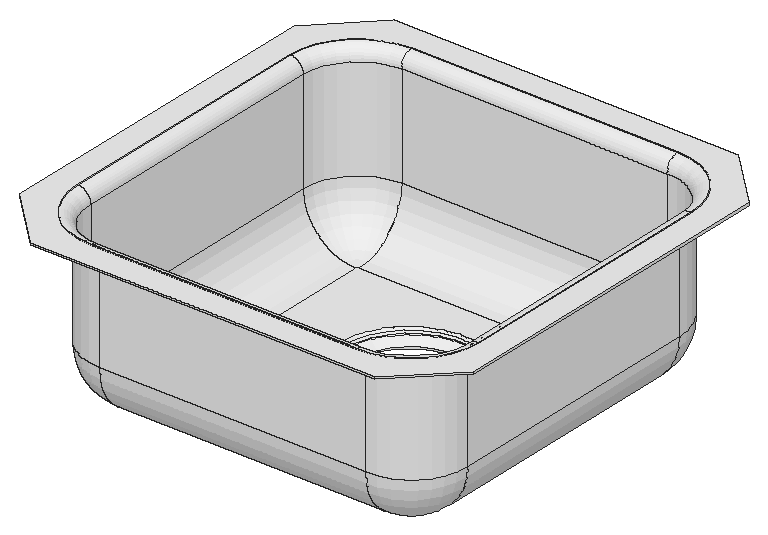
Revit family "ELUHAD121255", category Plumbing Fixtures, Revit 2019
Family settings
  Round Connector Dimension = Use Radius
  Part Type = Normal
  OmniClass Number = 23.45.05.14.14.27
  OmniClass Title = Service Sinks
  Work Plane-Based = No
  Always vertical = Yes
  Cut with Voids When Loaded = No
  Shared = No
  Room Calculation Point = No
Parameters (values of type "ELUHAD121255")
  URL = "www.elkayusa.com"
  Template Included = "Yes"
  Specification Sheet URL = ""
  Sound Deadening = "Bottom only pads"
  Sink Width = 1' - 2 1/2"
  Sink Material = Metal - Steel - Stainless - Chrome
  Sink Length = 1' - 2 1/2"
  Sink Ledge Sides Width = Sink Ledge Corner Width  # 0' - 1 1/4"
  Sink Ledge Front Width = Sink Ledge Corner Width  # 0' - 1 1/4"
  Sink Ledge Corner Width = 0' - 1 1/4"  # constant formula
  Sink Ledge Back Width = Sink Ledge Corner Width  # 0' - 1 1/4"
  Sink Dimensions = "14-1/2 inch x 14-1/2 inch x 5-3/8 inch"
  Sink Depth = 0' - 5 3/8"
  Sanitary Flow Rate = 10 GPM
  OmniClass Title = "Service Sinks"
  OmniClass Code = "23.45.05.14.14.27"
  Number of Bowls = "1"
  Nominal Radius = Nominal Dia / 2  # 0' - 0 3/4"
  Nominal Dia = 0' - 1 1/2"
  Mounting Hardware = "Undermount brackets sold separately"
  Model Number = ""
  Model = "Lustertone Undermount"
  Minimum Cabinet Size = "18 inch"
  Material = "304 Stainless Steel"
  MasterFormat Title = "Commercial Sinks"
  MasterFormat Number = "22.42.16.16"
  Manufacturer = "Elkay Manufacturing"
  Installation Type = "Undermount"
  Gauge = "18"
  Finish = "Lustrous Satin"
  Drain Size = "3-1/2 inch (89mm)"
  Drain Locations = "Rear Center"
  Drain Location = 0' - 5"
  Description = "Lustertone Single Bowl Sink"
  Deep Specification Sheet URL = ""
  Date Created = "10082021"  # constant formula
  Cutout Template # = "1000001423"
  CL Sink to CL Drain = 0' - 0"
  Bowl Width = (Sink Width - Sink Ledge Front Width - Sink Ledge Back Width)  # 1' - 0"
  Bowl Length = Sink Length - Sink Ledge Sides Width - Sink Ledge Sides Width  # 1' - 0"
  Bowl 1 Dimensions = "12 inch x 12 inch x 5-3/8 inch"
  Assembly Code = "D2010410"
Reference planes (in)
  plane 1 "CL Sink Hole": y = 1
  plane 2 "Top": z = 0
  plane 3 "Center (Left/Right)": x = 0
  plane 4 "Basin Edge Left": x = -6
  plane 5 "Basin Edge Right": x = 6
  plane 6 "Basin Edge Back": y = 6
  plane 7 "Basin Edge Front": y = -6
  plane 8 "Left": x = -7.25
  plane 9 "Right": x = 7.25
  plane 10 "Back": y = 7.25
  plane 11 "Front": y = -7.25
  plane 12 "Sink Angle Right": x = 4.78553
  plane 13 "Sink Angle Back": y = 4.78553
  plane 14 "Sink Angle Left": x = -4.78553
  plane 15 "Sink Angle Front": y = -4.78553
  plane 16 "Edge Radii Right": x = 6.42188
  plane 17 "Edge of Radii Left": x = -6.42187
  plane 18 "Sink Bowl Bottom (Top Face)": z = -5.375
  plane 19 "Sink Top Piece Bottom Face": z = -0.0625
  plane 20 "Top Radius Corner Prot": z = -0.42188
  plane 21: z = -3.6875
  plane 22 "Sink Bowl Bottom (Bottom Face)": z = -5.4375
  plane 23 "Left Sink Bottom Piece Left Edge": x = -4.3125
  plane 24 "Sink Bottom Piece Right Edge": x = 4.3125
  plane 25 "Sink Bottom Piece Back Edge": y = 4.3125
  plane 26 "Sink Bottom Piece Front Edge": y = -4.3125
  plane 27 "Center (Front/Back)": y = 0
  plane 28 "Bowl CL Drain": x = 0
  plane 29 "Edge Radii Front": y = -6.42188
  plane 30 "Right Sink Right Edge Radius": x = 4.25
  plane 31 "Front Edge Bottom Edge Radius": y = -4.25
  plane 32 "Back Edge Bottom Edge Radius": y = 4.25
  plane 33 "Edge Radii Back": y = 6.42187
  plane 34 "Left Bowl Bottom Edge Radius": x = -4.25
  plane 35 "Masking Region": z = 1.25157
  plane 36 "Sink Drain Elev Bottom": z = -6.875
  plane 37 "Sink Drain Elev Top": z = -6.625
  plane 38 "Top Radius Elev - 1-8": z = -0.10938
  plane 39 "Top Radius 1-8 Front": y = -6.10938
  plane 40 "Top Radius 1-8 Left": x = -6.10937
  plane 41 "Top Radius 1-8 Right": x = 6.10938
  plane 42 "Top Radius 1-8 Back": y = 6.10937
  plane 43 "Inside Radius Tangent Right": x = 4.97487
  plane 44 "Inside Radius Tangent Back": y = 4.97487
  plane 45 "Inside Radius Tangent Front": y = -4.97487
  plane 46 "Inside Radius Tangent Left": x = -4.97487
Forms (in)
  Extrusion 1, solid, material "Metal - Steel - Stainless - Chrome" <- "Sink Material"
    sketch origin (0, 0, 0) x (1, 0, 0) y (0, 1, 0)
      loop
        line (7.25, 5.49264) -> (5.49264, 7.25) -> (-5.49264, 7.25) -> (-7.25, 5.49264) -> (-7.25, -5.49264) -> (-5.49264, -7.25) -> (5.49264, -7.25) -> (7.25, -5.49264) -> (7.25, 5.49264)
      loop
        arc (-4.25, 6.42187) -> (-5.78575, 5.78575) -> (-6.42187, 4.25) r 2.17187
        line (-6.42187, 4.25) -> (-6.42188, -4.25)
        arc (-6.42188, -4.25) -> (-5.78575, -5.78575) -> (-4.25, -6.42188) r 2.17188
        line (-4.25, -6.42188) -> (4.25, -6.42188)
        arc (4.25, -6.42188) -> (5.78575, -5.78575) -> (6.42188, -4.25) r 2.17188
        line (6.42188, -4.25) -> (6.42188, 4.25)
        arc (6.42188, 4.25) -> (5.78575, 5.78575) -> (4.25, 6.42187) r 2.17188
        line (4.25, 6.42187) -> (-4.25, 6.42187)
    from -0.0625 to 0
  Extrusion 2, solid, material "Metal - Steel - Stainless - Chrome" <- "Sink Material"
    sketch origin (0, 0, 0) x (1, 0, 0) y (0, 1, 0)
      loop
        arc (-4.25, 4.3125) -> (-4.29419, 4.29419) -> (-4.3125, 4.25) r 0.0625
        line (-4.3125, 4.25) -> (-4.3125, -4.25)
        arc (-4.3125, -4.25) -> (-4.29419, -4.29419) -> (-4.25, -4.3125) r 0.0625
        line (-4.25, -4.3125) -> (4.25, -4.3125)
        arc (4.25, -4.3125) -> (4.29419, -4.29419) -> (4.3125, -4.25) r 0.0625
        line (4.3125, -4.25) -> (4.3125, 4.25)
        arc (4.3125, 4.25) -> (4.29419, 4.29419) -> (4.25, 4.3125) r 0.0625
        line (4.25, 4.3125) -> (-4.25, 4.3125)
      loop
        circle (0, 1) r 2.25
    from -5.4375 to -5.375
  Sweep 3, solid, material "Metal - Steel - Stainless - Chrome" <- "Sink Material"
    path origin (14.75, 0, -5.375) x (-1, 0, 0) y (0, -1, 0)
      loop
        circle (14.75, -1) r 2.25
    profile "profile-elkay-sink-hole-3 : profile-elkay-sink-hole-3" origin (0, -1.25, -5.375) x (0, 1, 0) y (0, 0, 1)
      loop
        line (0.5, -0.29111) -> (0.15646, -0.13437)
        arc (0.15646, -0.13437) -> (0.14249, -0.12559) -> (0.13131, -0.11346) r 0.0625
        line (0.13131, -0.11346) -> (0.08817, -0.05226)
        arc (0.08817, -0.05226) -> (0.05064, -0.01507) -> (0, 0) r 0.1086
        line (0, 0) -> (0, -0.04618)
        arc (0, -0.04618) -> (0.02621, -0.05419) -> (0.04646, -0.07265) r 0.0625
        line (0.04646, -0.07265) -> (0.09341, -0.13969)
        arc (0.09341, -0.13969) -> (0.11294, -0.16097) -> (0.13739, -0.17634) r 0.1086
        line (0.13739, -0.17634) -> (0.5, -0.34178) -> (0.5, -0.29111)
  Sweep 4, solid, material "Metal - Steel - Stainless - Chrome" <- "Sink Material"
    path origin (0, 0, 0) x (1, 0, 0) y (0, 1, 0)
      loop
        line (-4.25, -6) -> (4.25, -6)
        arc (4.25, -6) -> (5.48744, -5.48744) -> (6, -4.25) r 1.75
        line (6, -4.25) -> (6, 4.25)
        arc (6, 4.25) -> (5.48744, 5.48744) -> (4.25, 6) r 1.75
        line (4.25, 6) -> (-4.25, 6)
        arc (-4.25, 6) -> (-5.48744, 5.48744) -> (-6, 4.25) r 1.75
        line (-6, 4.25) -> (-6, -4.25)
        arc (-6, -4.25) -> (-5.48744, -5.48744) -> (-4.25, -6) r 1.75
    profile origin (0, -6, 0) x (0, 1, 0) y (0, 0, 1)
      loop
        arc (0, -0.42187) -> (-0.12356, -0.12356) -> (-0.42187, 0) r 0.42188
        line (-0.42187, 0) -> (-0.42187, -0.0625)
        arc (-0.42187, -0.0625) -> (-0.16776, -0.16776) -> (-0.0625, -0.42187) r 0.35938
        line (-0.0625, -0.42187) -> (-0.0625, -3.6875)
        arc (-0.0625, -3.6875) -> (0.45006, -4.92494) -> (1.6875, -5.4375) r 1.75
        line (1.6875, -5.4375) -> (1.6875, -5.375)
        arc (1.6875, -5.375) -> (0.49426, -4.88074) -> (0, -3.6875) r 1.6875
        line (0, -3.6875) -> (0, -0.42187)
  Extrusion 5, solid, material "Glass", not visible
    sketch origin (0, 0, -6.625) x (0, -1, 0) y (1, 0, 0)
      loop
        circle (-1, 0) r 0.75
    from -0.25 to 0
Cuts and joins
  joined: Extrusion 2, Sweep 3, Sweep 4
Lines and regions (in)
  Masking region 1
    outline origin (0, 0, 0) x (1, 0, 0) y (0, 1, 0)
      loop
        line (-6.42187, 4.25) -> (-6.42188, -4.25)
        arc (-6.42188, -4.25) -> (-5.78575, -5.78575) -> (-4.25, -6.42188) r 2.17188
        line (-4.25, -6.42188) -> (4.25, -6.42188)
        arc (4.25, -6.42188) -> (5.78575, -5.78575) -> (6.42188, -4.25) r 2.17188
        line (6.42188, -4.25) -> (6.42188, 4.25)
        arc (6.42188, 4.25) -> (5.78575, 5.78575) -> (4.25, 6.42187) r 2.17188
        line (4.25, 6.42187) -> (-4.25, 6.42187)
        arc (-4.25, 6.42187) -> (-5.78575, 5.78575) -> (-6.42187, 4.25) r 2.17187
  reference lines, not visible
    curve 1: arc (-0.625, 1, -3.6875) -> (-1.11926, 1, -4.88074) -> (-2.3125, 1, -5.375) r 1.6875
    curve 2: arc (-6, 1, -3.6875) -> (-5.50574, 1, -4.88074) -> (-4.3125, 1, -5.375) r 1.6875
    curve 3: arc (-0.625, 1, -0.42188) -> (-0.50144, 1, -0.12356) -> (-0.20313, 1, 0) r 0.42188
    curve 4: arc (0, -4.3125, -5.375) -> (0, -5.50574, -4.88074) -> (0, -6, -3.6875) r 1.6875
    curve 5: arc (0, -6, -0.42188) -> (0, -6.12356, -0.12356) -> (0, -6.42188, 0) r 0.42188
    curve 6: arc (4.3125, 4.25, 0) -> (4.29419, 4.29419, 0) -> (4.25, 4.3125, 0) r 0.0625
    curve 7: arc (4.3125, -4.25, 0) -> (4.29419, -4.29419, 0) -> (4.25, -4.3125, 0) r 0.0625
    curve 8: arc (6, 4.25, 1.25157) -> (5.48744, 5.48744, 1.25157) -> (4.25, 6, 1.25157) r 1.75
    curve 9: arc (6, -4.25, 1.25157) -> (5.48744, -5.48744, 1.25157) -> (4.25, -6, 1.25157) r 1.75
    curve 12: arc (-4.25, -4.3125, 0) -> (-4.29419, -4.29419, 0) -> (-4.3125, -4.25, 0) r 0.0625
    curve 13: arc (-4.25, 4.3125, 0) -> (-4.29419, 4.29419, 0) -> (-4.3125, 4.25, 0) r 0.0625
    curve 16: arc (-5.442, 5.53126, 1.25157) -> (-5.85445, 4.94875, 1.25157) -> (-6, 4.25, 1.25157) r 1.75
    curve 17: arc (-6, -4.25, 1.25157) -> (-5.48744, -5.48744, 1.25157) -> (-4.25, -6, 1.25157) r 1.75
    curve 18: circle (0, 1, -6.875) r 0.75 normal (0, 0, 1)
    curve 20: circle (0, 1, -5.375) r 1.75 normal (0, 0, 1)
    curve 29: arc (-4.25, 7.125, 1.25157) -> (-6.28293, 6.28293, 1.25157) -> (-7.125, 4.25, 1.25157) r 2.875
    curve 30: arc (6.75, 4.25, 1.25157) -> (6.01777, 6.01777, 1.25157) -> (4.25, 6.75, 1.25157) r 2.5
    curve 31: line (-4.97487, 6, 0) -> (-6, 4.97487, 0)
    curve 32: line (4.97487, 6, 0) -> (6, 4.97487, 0)
    curve 33: line (5.09745, 7.64519, 0) -> (7.69376, 5.04888, 0)
    curve 34: line (6, -4.97487, 0) -> (4.97487, -6, 0)
    curve 35: line (7.66329, -5.07936, 0) -> (5.11612, -7.62652, 0)
    curve 36: line (-6, -4.97487, 0) -> (-4.97487, -6, 0)
    curve 37: line (-7.84102, -4.90163, 0) -> (-5.39647, -7.34617, 0)
    curve 38: line (-5.04997, 7.69267, 0) -> (-7.65098, 5.09166, 0)
  reference lines
    curve 10: arc (6.42188, 4.25, 0) -> (5.78575, 5.78575, 0) -> (4.25, 6.42187, 0) r 2.17188
    curve 11: arc (-4.25, -6.42188, 0) -> (-5.78575, -5.78575, 0) -> (-6.42188, -4.25, 0) r 2.17188
    curve 14: arc (-4.25, 6.42187, 0) -> (-5.78575, 5.78575, 0) -> (-6.42187, 4.25, 0) r 2.17187
    curve 15: arc (6.42188, -4.25, 0) -> (5.78575, -5.78575, 0) -> (4.25, -6.42188, 0) r 2.17188
    curve 19: circle (0, 1, -5.375) r 2.25 normal (0, 0, 1)
    curve 21: circle (0, 1, -5.375) r 2.25 normal (0, 0, 1)
    curve 24: arc (0, -6, -0.10938) -> (0, -6.03204, -0.03204) -> (0, -6.10938, 0) r 0.10938
    curve 25: arc (6.10938, 4.25, 0) -> (5.56478, 5.56478, 0) -> (4.25, 6.10937, 0) r 1.85938
    curve 26: arc (-4.25, 6.10937, 0) -> (-5.56478, 5.56478, 0) -> (-6.10937, 4.25, 0) r 1.85938
    curve 27: arc (-4.25, -6.10938, 0) -> (-5.56478, -5.56478, 0) -> (-6.10938, -4.25, 0) r 1.85938
    curve 28: arc (6.10938, -4.25, 0) -> (5.56478, -5.56478, 0) -> (4.25, -6.10938, 0) r 1.85938
  symbolic lines, style "Sinks"
    curve 22: circle (0, 1, -5.375) r 2.25 normal (0, 0, 1)
    curve 23: circle (0, 1, -5.375) r 1.75 normal (0, 0, 1)
    curve 39: line (-4.25, 6, 0) -> (4.25, 6, 0)
    curve 40: line (6, 4.25, 0) -> (6, -4.25, 0)
    curve 41: line (-4.25, -6, 0) -> (4.25, -6, 0)
    curve 42: line (-6, 4.25, 0) -> (-6, -4.25, 0)
    curve 43: arc (6, 4.25, 0) -> (5.48744, 5.48744, 0) -> (4.25, 6, 0) r 1.75
    curve 44: arc (-4.25, 6, 0) -> (-5.48744, 5.48744, 0) -> (-6, 4.25, 0) r 1.75
    curve 45: arc (-6, -4.25, 0) -> (-5.48744, -5.48744, 0) -> (-4.25, -6, 0) r 1.75
    curve 46: arc (6, -4.25, 0) -> (5.48744, -5.48744, 0) -> (4.25, -6, 0) r 1.75
Dimensions and locks (in)
  "Sink Ledge Sides Width": plane 8 "Left" to plane 4 "Basin Edge Left"
  "Sink Ledge Sides Width": plane 5 "Basin Edge Right" to plane 9 "Right"
  "Sink Length": plane 8 "Left" to plane 9 "Right"
  "Drain Location": plane 6 "Basin Edge Back" to plane 1 "CL Sink Hole"
  "Sink Ledge Back Width": plane 10 "Back" to plane 6 "Basin Edge Back"
  "Sink Ledge Front Width": plane 7 "Basin Edge Front" to plane 11 "Front"
  plane 12 "Sink Angle Right" to plane 9 "Right" = 0' - 2.46447"
  plane 10 "Back" to plane 13 "Sink Angle Back" = 0' - 2.46447"
  plane 8 "Left" to plane 14 "Sink Angle Left" = 0' - 2.46447"
  plane 15 "Sink Angle Front" to plane 11 "Front" = 0' - 2.46447"
  "Sink Width": plane 10 "Back" to plane 11 "Front"
  locked: plane 17 "Edge of Radii Left" to plane 4 "Basin Edge Left" at 0.42188
  locked: plane 26 "Sink Bottom Piece Front Edge" to plane 7 "Basin Edge Front" at 1.6875
  locked: plane 4 "Basin Edge Left" to plane 23 "Left Sink Bottom Piece Left Edge" at 1.6875
  locked: plane 24 "Sink Bottom Piece Right Edge" to plane 5 "Basin Edge Right" at 1.6875
  locked: plane 6 "Basin Edge Back" to plane 25 "Sink Bottom Piece Back Edge" at 1.6875
  locked: plane 5 "Basin Edge Right" to plane 16 "Edge Radii Right" at 0.42188
  equal spacing: plane 10 "Back", plane 27 "Center (Front/Back)", plane 11 "Front"
  equal spacing: plane 8 "Left", plane 3 "Center (Left/Right)", plane 9 "Right"
  "CL Sink to CL Drain": plane 3 "Center (Left/Right)" to plane 28 "Bowl CL Drain"
  locked: plane 30 "Right Sink Right Edge Radius" to plane 24 "Sink Bottom Piece Right Edge" at 0.0625
  locked: plane 31 "Front Edge Bottom Edge Radius" to plane 26 "Sink Bottom Piece Front Edge" at 0.0625
  locked: plane 25 "Sink Bottom Piece Back Edge" to plane 32 "Back Edge Bottom Edge Radius" at 0.0625
  locked: plane 33 "Edge Radii Back" to plane 6 "Basin Edge Back" at 0.42188
  locked: plane 7 "Basin Edge Front" to plane 29 "Edge Radii Front" at 0.42187
  locked: plane 23 "Left Sink Bottom Piece Left Edge" to plane 34 "Left Bowl Bottom Edge Radius" at 0.0625
  "Sink Depth": plane 2 "Top" to plane 18 "Sink Bowl Bottom (Top Face)"
  locked: plane 2 "Top" to plane 20 "Top Radius Corner Prot" at 0.42188
  locked: plane 2 "Top" to plane 19 "Sink Top Piece Bottom Face" at 0.0625
  locked: plane 21 to plane 18 "Sink Bowl Bottom (Top Face)" at 1.6875
  locked: plane 18 "Sink Bowl Bottom (Top Face)" to plane 22 "Sink Bowl Bottom (Bottom Face)" at 0.0625
  locked: plane 35 "Masking Region" to plane 2 "Top" at 1.25157
  locked: plane 18 "Sink Bowl Bottom (Top Face)" to plane 36 "Sink Drain Elev Bottom" at 1.5
  locked: plane 37 "Sink Drain Elev Top" to plane 36 "Sink Drain Elev Bottom" at 0.25
  locked: plane 39 "Top Radius 1-8 Front" to plane 7 "Basin Edge Front" at 0.10938
  locked: plane 2 "Top" to plane 38 "Top Radius Elev - 1-8" at 0.10938
  locked: plane 40 "Top Radius 1-8 Left" to plane 4 "Basin Edge Left" at 0.10938
  locked: plane 5 "Basin Edge Right" to plane 41 "Top Radius 1-8 Right" at 0.10938
  locked: plane 42 "Top Radius 1-8 Back" to plane 6 "Basin Edge Back" at 0.10938
  locked: plane 32 "Back Edge Bottom Edge Radius" to plane 44 "Inside Radius Tangent Back" at 0.72487
  locked: plane 30 "Right Sink Right Edge Radius" to plane 43 "Inside Radius Tangent Right" at 0.72487
  locked: plane 45 "Inside Radius Tangent Front" to plane 31 "Front Edge Bottom Edge Radius" at 0.72487
  locked: plane 46 "Inside Radius Tangent Left" to plane 34 "Left Bowl Bottom Edge Radius" at 0.72487
  "Sink Ledge Corner Width": curve 32 to curve 33
  "Sink Ledge Corner Width": curve 34 to curve 35
  "Sink Ledge Corner Width": curve 37 to curve 36
  "Sink Ledge Corner Width": curve 38 to curve 31
  "Nominal Radius": radius of curve 18
  aligned: Extrusion 1 to plane 19 "Sink Top Piece Bottom Face"
  aligned: Extrusion 2 to plane 18 "Sink Bowl Bottom (Top Face)"
  aligned and locked: Extrusion 2 to plane 22 "Sink Bowl Bottom (Bottom Face)"
  aligned and locked: plane 18 "Sink Bowl Bottom (Top Face)" to Extrusion 2
  aligned and locked: Extrusion 2 sketch curve to curve 7
  aligned and locked: Extrusion 2 sketch curve to curve 6
  aligned and locked: Sweep 4 sketch curve to curve 8
  aligned and locked: Sweep 4 sketch curve to curve 9
  aligned and locked: Sweep 4 sketch curve to curve 4
  aligned and locked: Extrusion 1 sketch curve to plane 9 "Right"
  aligned and locked: Extrusion 1 sketch curve to plane 10 "Back"
  aligned and locked: Extrusion 1 sketch curve to plane 8 "Left"
  aligned and locked: Extrusion 1 sketch curve to plane 11 "Front"
  aligned and locked: plane 2 "Top" to Extrusion 1
  aligned and locked: Extrusion 1 to plane 19 "Sink Top Piece Bottom Face"
  aligned and locked: Extrusion 5 sketch curve to curve 18
  aligned and locked: Extrusion 5 to plane 36 "Sink Drain Elev Bottom"
  aligned and locked: plane 37 "Sink Drain Elev Top" to Extrusion 5
  aligned and locked: Sweep 4 sketch curve to curve 16
  aligned and locked: Sweep 4 sketch curve to curve 17
  aligned and locked: Extrusion 2 sketch curve to curve 13
  aligned and locked: Extrusion 2 sketch curve to curve 12
  aligned and locked: Sweep 3 sketch curve to curve 19
  aligned and locked: Extrusion 2 sketch curve to curve 19
  aligned and locked: curve 22 to curve 21
  aligned and locked: curve 23 to curve 20
  aligned and locked: curve 33 to Extrusion 1 sketch curve
  aligned and locked: curve 35 to Extrusion 1 sketch curve
  aligned and locked: curve 37 to Extrusion 1 sketch curve
  aligned and locked: curve 38 to Extrusion 1 sketch curve
  aligned and locked: Masking region 1 sketch curve to curve 10
  aligned and locked: Masking region 1 sketch curve to curve 14
  aligned and locked: Masking region 1 sketch curve to curve 11
  aligned and locked: Masking region 1 sketch curve to curve 15
  aligned and locked: curve 43 to curve 8
  aligned and locked: curve 44 to curve 16
  aligned and locked: curve 45 to curve 17
  aligned and locked: curve 46 to curve 9
  aligned and locked: Sweep 4 sketch curve to curve 5
  aligned and locked: Sweep 4 sketch curve to plane 29 "Edge Radii Front"
  aligned and locked: Extrusion 1 sketch curve to curve 14
  aligned and locked: Extrusion 1 sketch curve to curve 11
  aligned and locked: Extrusion 1 sketch curve to curve 15
  aligned and locked: Extrusion 1 sketch curve to curve 10
Automatic sketch dimensions
  curve 2 to plane 4 "Basin Edge Left" = 0' - 0"
  curve 2 to plane 21 = 0' - 0"
  curve 2 to plane 23 "Left Sink Bottom Piece Left Edge" = 0' - 0"
  curve 1 to plane 18 "Sink Bowl Bottom (Top Face)" = 0' - 0"
  curve 3 to plane 20 "Top Radius Corner Prot" = 0' - 0"
  curve 1 to plane 21 = 0' - 0"
  plane 1 "CL Sink Hole" to curve 18 = 0' - 0"
  curve 18 to plane 28 "Bowl CL Drain" = 0' - 0"
  curve 3 to level = 0' - 0"
  curve 1 to plane 3 "Center (Left/Right)" = 0' - 2 5/16"
  curve 3 to plane 3 "Center (Left/Right)" = 0' - 0 5/8"
  curve 19 to curve 20 = 0' - 0"  (x2)
  curve 19 to curve 21 = 0' - 0"  (x2)
  curve 20 to curve 21 = 0' - 0"  (x2)
  plane 1 "CL Sink Hole" to curve 20 = 0' - 0"
  curve 20 to plane 28 "Bowl CL Drain" = 0' - 0"
  curve 8 to plane 5 "Basin Edge Right" = 0' - 0"
  curve 16 to plane 4 "Basin Edge Left" = 0' - 0"
  curve 17 to plane 4 "Basin Edge Left" = 0' - 0"
  curve 9 to plane 5 "Basin Edge Right" = 0' - 0"
  curve 5 to level = 0' - 0"
  curve 5 to plane 29 "Edge Radii Front" = 0' - 0"
  curve 24 to plane 38 "Top Radius Elev - 1-8" = 0' - 0"
  curve 24 to plane 39 "Top Radius 1-8 Front" = 0' - 0"
  curve 5 to plane 7 "Basin Edge Front" = 0' - 0"
  curve 4 to plane 7 "Basin Edge Front" = 0' - 0"
  curve 24 to plane 7 "Basin Edge Front" = 0' - 0"
  curve 4 to plane 21 = 0' - 0"
  curve 4 to plane 26 "Sink Bottom Piece Front Edge" = 0' - 0"
  Sweep 4 sketch curve to Sweep 4 sketch curve = 0' - 0"  (x2)
  curve 8 to curve 30 = 0' - 0"  (x4)
  plane 5 "Basin Edge Right" to curve 30 = 0' - 0 3/4"
  curve 6 to curve 10 = 0' - 0"  (x2)
  curve 6 to curve 25 = 0' - 0"  (x2)
  curve 7 to curve 15 = 0' - 0"  (x2)
  curve 7 to curve 28 = 0' - 0"  (x2)
  curve 10 to curve 25 = 0' - 0"  (x2)
  curve 11 to curve 12 = 0' - 0"  (x2)
  curve 11 to curve 27 = 0' - 0"  (x2)
  curve 12 to curve 27 = 0' - 0"  (x2)
  curve 13 to curve 14 = 0' - 0"  (x2)
  curve 13 to curve 26 = 0' - 0"  (x2)
  curve 14 to curve 26 = 0' - 0"  (x2)
  curve 15 to curve 28 = 0' - 0"  (x2)
  curve 14 to plane 17 "Edge of Radii Left" = 0' - 0"
  curve 11 to plane 17 "Edge of Radii Left" = 0' - 0"
  plane 32 "Back Edge Bottom Edge Radius" to curve 26 = 0' - 0"
  curve 26 to plane 40 "Top Radius 1-8 Left" = 0' - 0"
  plane 31 "Front Edge Bottom Edge Radius" to curve 27 = 0' - 0"
  curve 27 to plane 40 "Top Radius 1-8 Left" = 0' - 0"
  curve 31 to plane 4 "Basin Edge Left" = 0' - 0"
  curve 36 to plane 4 "Basin Edge Left" = 0' - 0"
  curve 31 to plane 6 "Basin Edge Back" = 0' - 0"
  curve 31 to plane 46 "Inside Radius Tangent Left" = 0' - 0"
  curve 36 to plane 7 "Basin Edge Front" = 0' - 0"
  curve 36 to plane 46 "Inside Radius Tangent Left" = 0' - 0"
  curve 12 to plane 23 "Left Sink Bottom Piece Left Edge" = 0' - 0"
  curve 13 to plane 23 "Left Sink Bottom Piece Left Edge" = 0' - 0"
  curve 13 to plane 34 "Left Bowl Bottom Edge Radius" = 0' - 0"
  curve 12 to plane 26 "Sink Bottom Piece Front Edge" = 0' - 0"
  curve 25 to plane 30 "Right Sink Right Edge Radius" = 0' - 0"
  curve 15 to plane 29 "Edge Radii Front" = 0' - 0"
  curve 15 to plane 30 "Right Sink Right Edge Radius" = 0' - 0"
  curve 7 to plane 24 "Sink Bottom Piece Right Edge" = 0' - 0"
  curve 6 to plane 24 "Sink Bottom Piece Right Edge" = 0' - 0"
  curve 34 to plane 7 "Basin Edge Front" = 0' - 0"
  curve 34 to plane 43 "Inside Radius Tangent Right" = 0' - 0"
  curve 32 to plane 6 "Basin Edge Back" = 0' - 0"
  curve 32 to plane 43 "Inside Radius Tangent Right" = 0' - 0"
  curve 34 to plane 5 "Basin Edge Right" = 0' - 0"
  curve 32 to plane 5 "Basin Edge Right" = 0' - 0"
  plane 32 "Back Edge Bottom Edge Radius" to curve 25 = 0' - 0"
  curve 25 to plane 41 "Top Radius 1-8 Right" = 0' - 0"
  plane 31 "Front Edge Bottom Edge Radius" to curve 28 = 0' - 0"
  curve 28 to plane 41 "Top Radius 1-8 Right" = 0' - 0"
  curve 10 to plane 16 "Edge Radii Right" = 0' - 0"
  plane 45 "Inside Radius Tangent Front" to curve 34 = 0' - 0"
  plane 45 "Inside Radius Tangent Front" to curve 36 = 0' - 0"
  curve 32 to plane 44 "Inside Radius Tangent Back" = 0' - 0"
  curve 31 to plane 44 "Inside Radius Tangent Back" = 0' - 0"
  plane 44 "Inside Radius Tangent Back" to curve 38 = 0' - 0.11679"
  curve 37 to plane 45 "Inside Radius Tangent Front" = 0' - 0.07325"
  curve 37 to plane 11 "Front" = 0' - 0.09617"
  curve 38 to plane 46 "Inside Radius Tangent Left" = 0' - 0.0751"
  curve 33 to plane 43 "Inside Radius Tangent Right" = 0' - 0.12257"
  curve 35 to plane 43 "Inside Radius Tangent Right" = 0' - 0.14124"
  plane 45 "Inside Radius Tangent Front" to curve 35 = 0' - 0.10448"
  plane 44 "Inside Radius Tangent Back" to curve 33 = 0' - 0.074"
  curve 16 to curve 29 = 0' - 0"  (x2)
  plane 32 "Back Edge Bottom Edge Radius" to curve 16 = 0' - 0"
  curve 16 to plane 34 "Left Bowl Bottom Edge Radius" = 0' - 0"
  curve 16 to plane 46 "Inside Radius Tangent Left" = 0' - 0.46713"
  plane 8 "Left" to curve 29 = 0' - 0 1/8"
  plane 31 "Front Edge Bottom Edge Radius" to curve 17 = 0' - 0"
  curve 17 to plane 34 "Left Bowl Bottom Edge Radius" = 0' - 0"
  curve 9 to plane 7 "Basin Edge Front" = 0' - 0"
  curve 9 to plane 30 "Right Sink Right Edge Radius" = 0' - 0"
  curve 8 to plane 6 "Basin Edge Back" = 0' - 0"
  curve 8 to plane 30 "Right Sink Right Edge Radius" = 0' - 0"
  profile plane to Sweep 4 sketch curve = 0' - 0 1/16"
  radius of curve 19 = 0' - 2 1/4"
  radius of curve 20 = 0' - 1 3/4"
  radius of curve 21 = 0' - 2 1/4"
Connectors (in)
  piping at (0, 1, -6.625), diameter 1.5, driven by "Nominal Radius", driven by "Sanitary Flow Rate"
    settings: on Extrusion 5, index 2, connector inside diameter 1 1/2", connector length 0' - 0", flow factor 0, pipe flow 10 GPM, pressure drop 0.00 psi, fitting loss kfactor 0, connector angle 0.00°, fixture units 0, engagement length 0' - 0", angle of deflection 0.00°, flow configuration 1, flow direction 2, fitting loss method 0, system type 16, joint type 0, gender type 0, connector reference index -1, connector utility 0, adjustable connector yes, is connector primary yes, connector description "Sink Drain Right"
